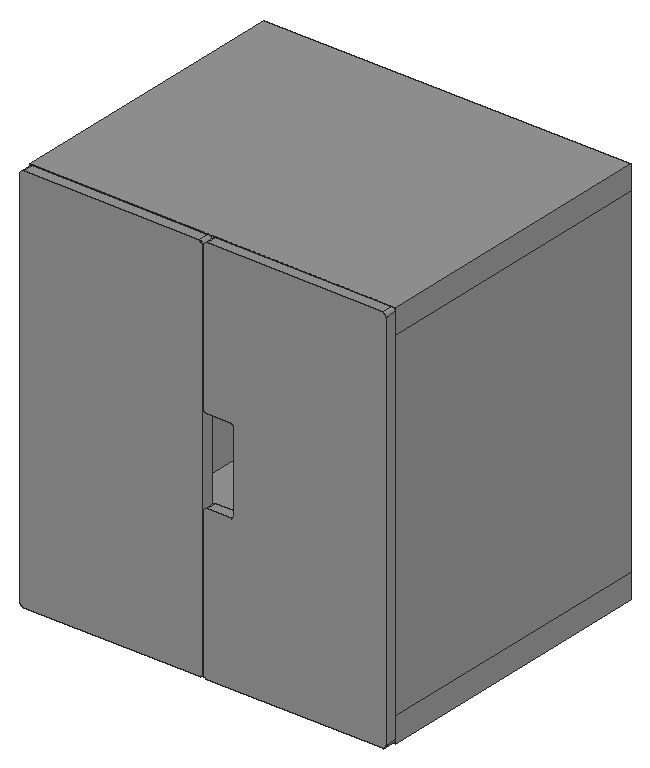
Revit family "stuva_ikea_small_storage_with_doors", category Мебель, Revit 2017
Family settings
  Номер OmniClass = 23.40.20.00
  Заголовок OmniClass = General Furniture and Specialties
  На основе рабочей плоскости = Нет
  Всегда вертикально = Да
  При загрузке вырезать с полостями = Нет
  Общий = Нет
  Точка расчета площади = Нет
Parameters
  front = front
  base = white
Reference planes (cm)
  plane 1 "Center (Front/Back)": y = 0
  plane 2: z = 0
  plane 3 "Center (Left/Right)": x = 0
Forms (cm)
  Extrusion 1, solid, material "white" <- "base"
    sketch origin (0, 0, 0) x (1, 0, 0) y (0, 1, 0)
      loop
        line (0, 2) -> (60, 2) -> (60, 50) -> (0, 50) -> (0, 2)
    from 0 to 4
  Extrusion 2, solid, material "white" <- "base"
    sketch origin (0, 0, 60) x (1, 0, 0) y (0, 1, 0)
      loop
        line (0, 2) -> (60, 2) -> (60, 50) -> (0, 50) -> (0, 2)
    from 0 to 4
  Extrusion 3, solid, material "white" <- "base"
    sketch origin (0, 0, 0) x (1, 0, 0) y (0, 1, 0)
      loop
        line (0, 2) -> (2, 2) -> (2, 46) -> (58, 46) -> (58, 2) -> (60, 2) -> (60, 50) -> (0, 50) -> (0, 2)
    from 4 to 60
  Extrusion 4, solid, material "front" <- "front"
    sketch origin (17.5743, 2, 2) x (0, 0, 1) y (-1, 0, 0)
      loop
        line (-1.4, -42.4257) -> (61.4, -42.4257)
        arc (61.4, -42.4257) -> (61.8243, -42.2499) -> (62, -41.8257) r 0.6
        line (62, -41.8257) -> (62, -13.1)
        arc (62, -13.1) -> (61.8243, -12.6757) -> (61.4, -12.5) r 0.6
        line (61.4, -12.5) -> (37.6, -12.5)
        arc (37.6, -12.5) -> (37.1757, -12.6757) -> (37, -13.1) r 0.6
        line (37, -13.1) -> (37, -16.9)
        arc (37, -16.9) -> (36.8243, -17.3243) -> (36.4, -17.5) r 0.6
        line (36.4, -17.5) -> (23.6, -17.5)
        arc (23.6, -17.5) -> (23.1757, -17.3243) -> (23, -16.9) r 0.6
        line (23, -16.9) -> (23, -13.1)
        arc (23, -13.1) -> (22.8243, -12.6757) -> (22.4, -12.5) r 0.6
        line (22.4, -12.5) -> (-1.4, -12.5)
        arc (-1.4, -12.5) -> (-1.8243, -12.6757) -> (-2, -13.1) r 0.6
        line (-2, -13.1) -> (-2, -41.8257)
        arc (-2, -41.8257) -> (-1.8243, -42.2499) -> (-1.4, -42.4257) r 0.6
    from 0.2 to 2
  Extrusion 5, solid, material "front" <- "front"
    sketch origin (42.4257, 2, 2) x (0, 0, 1) y (-1, 0, 0)
      loop
        arc (-1.4, 42.4257) -> (-1.8243, 42.2499) -> (-2, 41.8257) r 0.6
        line (-2, 41.8257) -> (-2, 13.1)
        arc (-2, 13.1) -> (-1.8243, 12.6757) -> (-1.4, 12.5) r 0.6
        line (-1.4, 12.5) -> (61.4, 12.5)
        arc (61.4, 12.5) -> (61.8243, 12.6757) -> (62, 13.1) r 0.6
        line (62, 13.1) -> (62, 41.8257)
        arc (62, 41.8257) -> (61.8243, 42.2499) -> (61.4, 42.4257) r 0.6
        line (61.4, 42.4257) -> (-1.4, 42.4257)
    from 0.2 to 2
Dimensions and locks (cm)
  aligned and locked: level to plane 2
